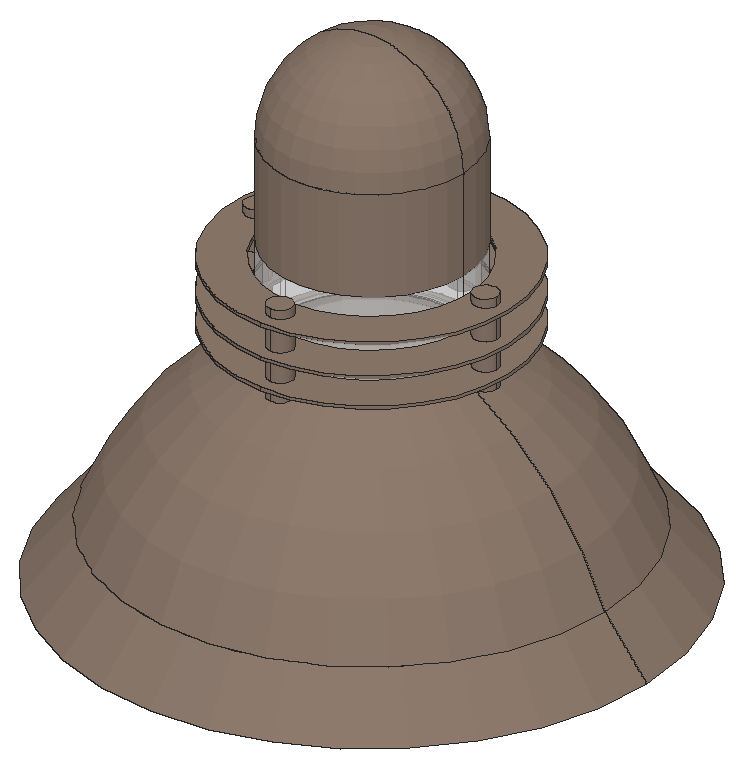
Revit family "UCM", category Lighting Fixtures, Revit 2012
Parameters (values of type "UCM - WRZ")
  Wattage Comments = "49W to 79W"  # constant formula
  Wattage = 79 W
  Voltage = 120 V
  URL = "www.aal.net"
  Type Comments = "on relamp door. full cutoff"
  Photometric Web [instance] = Web UCM : UCM-GR5-100MH
  Hood [instance] = Hood : BEL
  Default elevation = 0.000"
  Power Factor = 1
  OmniClass Title = "Post-Top Lighting"  # constant formula
  OmniClass Number = "23.80.70.14.11.14"  # constant formula
  Model = "UCM"  # constant formula
  MasterFormat Title = "Area Lighting"  # constant formula
  Manufacturer = "Architectural Area Lighting"  # constant formula
  Lamp = ""
  Housing Material = Aluminum-AAL-Weathered Bronze
  Glass Material = Glass-AAL-Acrylic
  Description = "Lighting Fixture"  # constant formula
  Assembly Code = "D5020200"
  Architectural Design Manual = "http://cdn.aal.net/content/products/psg/psg_files/aal_uc_psg.pdf"
  Apparent Load = 70 VA
Types (14): name | Photometric Web | Housing Material
  (no name) | Web UCM : UCM-GR5-100MH | Aluminum-AAL-Weathered Bronze
  UCM - AWT | Web UCM : UCM-BEL-H3-70HPS | Aluminum-AAL-Artic White
  UCM - BLK | Web UCM : UCM-T5-32LED-5K-700 | Aluminum-AAL-Black
  UCM - MTB | Web UCM : UCM-BEL-H3-70HPS | Aluminum-AAL-Matte Black
  UCM - DGN | Web UCM : UCM-BEL-H3-70HPS | Aluminum-AAL-Dark Green
  UCM - DBZ | Web UCM : UCM-BEL-H3-70HPS | Aluminum-AAL-Dark Bronze
  UCM - WRZ | Web UCM : UCM-GR5-100MH | Aluminum-AAL-Weathered Bronze
  UCM - BRM | Web UCM : UCM-BEL-H3-70HPS | Aluminum-AAL-Metalic Bronze
  UCM - VBL | Web UCM : UCM-BEL-H3-70HPS | Aluminum-AAL-Verde Blue
  UCM - CRT | Web UCM : UCM-BEL-H3-70HPS | Aluminum-AAL-Corten
  UCM - MAL | Web UCM : UCM-BEL-H3-70HPS | Aluminum-AAL-Matte
  UCM - MDG | Web UCM : UCM-BEL-H3-70HPS | Aluminum-AAL-Medium Grey
  UCM - ATG | Web UCM : UCM-BEL-H3-70HPS | Aluminum-AAL-Antique Green
  UCM - LGY | Web UCM : UCM-BEL-H3-70HPS | Aluminum-AAL-Light Grey
Reference planes (in)
  plane 1 "Light Source Axis (F/B)": y = 0
  plane 2 "Bottom": z = 0
  plane 3 "Light Source Axis (L/R)": x = 0
  plane 4 "Light Source Elevation": z = 13
  plane 5 "Top": z = 24
Forms (in)
  Revolve 1, solid, material "Aluminum-AAL-Weathered Bronze" <- "Housing Material"
    sketch origin (0.05345, 0.03999, 0.06192) x (1, 0, 0) y (0, 0, 1)
      loop
        arc (3.94655, 20.06641) -> (2.77498, 22.89483) -> (-0.05345, 24.06641) r 4
        line (-0.05345, 24.06641) -> (-0.05345, 16.06641) -> (3.94655, 16.06641) -> (3.94655, 20.06641)
      axis (-0.05345, 24.06641) -> (-0.05345, 16.06641)
    angle from 0 to 360
  Revolve 2, solid, material "Glass-AAL-Acrylic" <- "Glass Material"
    sketch origin (0.05345, 0.03999, 0.06192) x (1, 0, 0) y (0, 0, 1)
      loop
        line (3.94655, 16.06641) -> (3.69655, 16.06641) -> (3.69655, 11.92925) -> (3.94655, 11.92925) -> (3.94655, 16.06641)
      axis (-0.05345, 16.06641) -> (-0.05345, 11.92925)
    angle from 0 to 360
  Extrusion 3, solid, material "Aluminum-AAL-Weathered Bronze" <- "Housing Material"
    sketch origin (0, 0, 14.75) x (0, -1, 0) y (1, 0, 0)
      loop
        circle (0, 0) r 6
      loop
        circle (0, 0) r 4.25
    from 0.64459 to 0.76959
  Extrusion 4, solid, material "Aluminum-AAL-Weathered Bronze" <- "Housing Material"
    sketch origin (0, 0, 13.43711) x (0, -1, 0) y (1, 0, 0)
      loop
        circle (0, 0) r 4.25
      loop
        circle (0, 0) r 6
    from 0.64459 to 0.76959
  Extrusion 5, solid, material "Aluminum-AAL-Weathered Bronze" <- "Housing Material"
    sketch origin (0, 0, 12.2525) x (0, -1, 0) y (1, 0, 0)
      loop
        circle (0, 0) r 4.25
      loop
        circle (0, 0) r 6
    from 0.64459 to 0.76959
  Extrusion 6, solid, material "Aluminum-AAL-Weathered Bronze" <- "Housing Material"
    sketch origin (0, 0, 13) x (0, -1, 0) y (1, 0, 0)
      loop
        circle (-4.97539, 0) r 0.5
    from -0.75357 to 2.83579
  Extrusion 7, solid, material "Aluminum-AAL-Weathered Bronze" <- "Housing Material"
    sketch origin (0, 0, 13) x (1, 0, 0) y (0, 1, 0)
      loop
        circle (-4.97539, 0) r 0.5
    from -0.75357 to 2.83579
  Extrusion 8, solid, material "Aluminum-AAL-Weathered Bronze" <- "Housing Material"
    sketch origin (0, 0, 13) x (0, 1, 0) y (-1, 0, 0)
      loop
        circle (-4.97539, 0) r 0.5
    from -0.75357 to 2.83579
  Extrusion 9, solid, material "Aluminum-AAL-Weathered Bronze" <- "Housing Material"
    sketch origin (0, 0, 13) x (-1, 0, 0) y (0, -1, 0)
      loop
        circle (-4.97539, 0) r 0.5
    from -0.75357 to 2.83579
  Revolve 10, solid, material "Glass-AAL-Acrylic" <- "Glass Material"
    sketch origin (0, 0, 0) x (1, 0, 0) y (0, 0, 1)
      loop
        line (3.75, 12.00168) -> (3.75, 4)
        arc (3.75, 4) -> (2.65165, 1.34835) -> (0, 0.25) r 3.75
        line (0, 0.25) -> (0, 0)
        arc (0, 0) -> (2.82843, 1.17157) -> (4, 4) r 4
        line (4, 4) -> (4, 12.00168) -> (3.75, 12.00168)
      axis (0, 12.00168) -> (0, 0)
    angle from 0 to 360
Dimensions and locks (in)
  "Default elevation": plane 2 "Bottom" to level
  aligned and locked: plane 3 "Light Source Axis (L/R)" to nested 1
  aligned and locked: plane 1 "Light Source Axis (F/B)" to nested 1
  aligned and locked: plane 3 "Light Source Axis (L/R)" to nested 2
  aligned and locked: nested 2 to plane 1 "Light Source Axis (F/B)"
Automatic sketch dimensions
  Revolve 1 sketch curve to plane 3 "Light Source Axis (L/R)" = 0.000"  (x2)
  plane 3 "Light Source Axis (L/R)" to Revolve 1 sketch curve = 4.000"
  level to Revolve 1 sketch curve = 0.06192"
  Revolve 1 sketch curve to plane 4 "Light Source Elevation" = 3.12833"
  Revolve 1 sketch curve to plane 5 "Top" = 3.87167"
  Revolve 1 sketch curve to Revolve 1 sketch curve = 20.8028"
  Revolve 2 sketch curve to plane 3 "Light Source Axis (L/R)" = 0.000"
  plane 4 "Light Source Elevation" to Revolve 2 sketch curve = 1.00883"
  plane 3 "Light Source Axis (L/R)" to Revolve 2 sketch curve = 3.750"
  Revolve 2 sketch curve to Revolve 2 sketch curve = 0.250"
  level to Revolve 2 sketch curve = 1.47013"
  Revolve 2 sketch curve to plane 4 "Light Source Elevation" = 3.12833"
  plane 5 "Top" to Revolve 2 sketch curve = 2.12833"
  Extrusion 3 sketch curve to Extrusion 3 sketch curve = 0.000"  (x2)
  plane 1 "Light Source Axis (F/B)" to Extrusion 3 sketch curve = 0.000"
  Extrusion 3 sketch curve to plane 3 "Light Source Axis (L/R)" = 0.000"
  Extrusion 4 sketch curve to Extrusion 4 sketch curve = 0.000"  (x2)
  plane 1 "Light Source Axis (F/B)" to Extrusion 4 sketch curve = 0.000"
  Extrusion 4 sketch curve to plane 3 "Light Source Axis (L/R)" = 0.000"
  Extrusion 5 sketch curve to Extrusion 5 sketch curve = 0.000"  (x2)
  plane 1 "Light Source Axis (F/B)" to Extrusion 5 sketch curve = 0.000"
  Extrusion 5 sketch curve to plane 3 "Light Source Axis (L/R)" = 0.000"
  Extrusion 8 sketch curve to plane 3 "Light Source Axis (L/R)" = 0.000"
  plane 1 "Light Source Axis (F/B)" to Extrusion 8 sketch curve = 4.97539"
  plane 1 "Light Source Axis (F/B)" to Extrusion 9 sketch curve = 0.000"
  plane 3 "Light Source Axis (L/R)" to Extrusion 9 sketch curve = 4.97539"
  plane 1 "Light Source Axis (F/B)" to Extrusion 7 sketch curve = 0.000"
  Extrusion 7 sketch curve to plane 3 "Light Source Axis (L/R)" = 4.97539"
  Extrusion 6 sketch curve to plane 3 "Light Source Axis (L/R)" = 0.000"
  Extrusion 6 sketch curve to plane 1 "Light Source Axis (F/B)" = 4.97539"
  Revolve 10 sketch curve to Revolve 10 sketch curve = 0.000"  (x2)
  Revolve 10 sketch curve to plane 3 "Light Source Axis (L/R)" = 0.000"  (x2)
  Revolve 10 sketch curve to level = 0.000"
  plane 3 "Light Source Axis (L/R)" to Revolve 10 sketch curve = 3.750"
  Revolve 10 sketch curve to Revolve 10 sketch curve = 0.250"
  Revolve 10 sketch curve to Revolve 10 sketch curve = 3.23041"
  plane 4 "Light Source Elevation" to Revolve 10 sketch curve = 0.99832"
  Revolve 10 sketch curve to plane 4 "Light Source Elevation" = 4.01959"
  radius of Extrusion 3 sketch curve = 6.000"
  radius of Extrusion 3 sketch curve = 4.250"
  radius of Extrusion 4 sketch curve = 4.250"
  radius of Extrusion 4 sketch curve = 6.000"
  radius of Extrusion 5 sketch curve = 4.250"
  radius of Extrusion 5 sketch curve = 6.000"
  radius of Extrusion 6 sketch curve = 0.500"
  radius of Extrusion 7 sketch curve = 0.500"
  radius of Extrusion 8 sketch curve = 0.500"
  radius of Extrusion 9 sketch curve = 0.500"
Nested families (in)
  nested 1: "Hood" at (-0.00649, -0.03999, 0), type <- "Hood", type "BEL"
  nested 2: "Web UCM" at (-0.03999, -0.23896, 13) x (0, -1, 0) z (0, 0, -1), type <- "Photometric Web", type "UCM-GR5-100MH"
Definition of nested family "Hood"
  Parameters (values of type "STR")
    Wattage Comments = "0"
    Voltage = 0 V
    URL = ""
    STR = yes
    SKB = no
    Product Page URL = ""
    Product Documentation Link = ""
    Model = ""
    Manufacturer Phone = ""
    Manufacturer Fax = ""
    Manufacturer = ""
    Load Classification = Lighting
    Lamp = "LED"
    Finish = Aluminum-AAL-Black
    FLR = no
    Description = ""
    Default Elevation = 48.000"
    BEL = no
    Apparent Load = 0 VA
    ANG = no
  Types (5): name | STR | SKB | FLR | BEL | ANG
    STR | yes | no | no | no | no
    SKB | no | yes | no | no | no
    FLR | no | no | yes | no | no
    BEL | no | no | no | yes | no
    ANG | no | no | no | no | yes
  Reference planes (in)
    plane 1 "Center (Front/Back)": y = 0.03999
    plane 2: z = 0
    plane 3 "Center (Left/Right)": x = 0.00649
    plane 4: z = 24
    plane 5: z = 4
    plane 6: z = 12
  Forms (in)
    Extrusion 1, solid
      sketch origin (0, 0, 0.06357) x (1, 0, 0) y (0, 1, 0)
        loop
          line (-48, 48) -> (-48, -48) -> (48, -48) -> (48, 48) -> (-48, 48)
      from -0.06357 to -6.06357
    Revolve 2, solid, material "Aluminum-AAL-Black" <- "Finish", visible <- "FLR"
      sketch origin (0, 0.03999, 0) x (1, 0, 0) y (0, 0, 1)
        loop
          line (4.89707, 12) -> (3.75649, 12) -> (3.75649, 11.75) -> (4.70053, 11.75)
          arc (4.70053, 11.75) -> (6.82187, 7.29318) -> (10.4986, 4) r 12.54237
          line (10.4986, 4) -> (11.00649, 4)
          arc (11.00649, 4) -> (7.09535, 7.34597) -> (4.89707, 12) r 12.29237
        axis (0.00649, 12) -> (0.00649, 4)
      angle from 0 to 360
    Revolve 3, solid, material "Aluminum-AAL-Black" <- "Finish", visible <- "SKB"
      sketch origin (0, 0.03999, 0) x (1, 0, 0) y (0, 0, 1)
        loop
          line (4.34255, 12) -> (3.75649, 12) -> (3.75649, 11.75) -> (4.23632, 11.75)
          arc (4.23632, 11.75) -> (7.66193, 7.23499) -> (9.95732, 2.05317) r 24.47718
          line (9.95732, 2.05317) -> (11.68014, 0) -> (12.00649, 0) -> (10.18109, 2.17543)
          arc (10.18109, 2.17543) -> (7.8372, 7.42965) -> (4.34255, 12) r 24.72718
        axis (0.00649, 12) -> (0.00649, 0)
      angle from 0 to 360
    Revolve 4, solid, material "Aluminum-AAL-Black" <- "Finish", visible <- "STR"
      sketch origin (0, 0.03999, 0) x (1, 0, 0) y (0, 0, 1)
        loop
          line (12.00649, 4) -> (4.89707, 12) -> (3.75649, 12) -> (3.75649, 11.75) -> (4.78478, 11.75) -> (11.67204, 4) -> (12.00649, 4)
        axis (0.00649, 12) -> (0.00649, 4)
      angle from 0 to 360
    Revolve 5, solid, material "Aluminum-AAL-Black" <- "Finish", visible <- "BEL"
      sketch origin (0, 0.03999, 0) x (1, 0, 0) y (0, 0, 1)
        loop
          line (11.68014, 3) -> (12.00649, 3) -> (10.18109, 5.17543)
          arc (10.18109, 5.17543) -> (7.82989, 9.07371) -> (4.34255, 12) r 13.86091
          line (4.34255, 12) -> (3.75649, 12) -> (3.75649, 11.75) -> (4.27394, 11.75)
          arc (4.27394, 11.75) -> (7.67501, 8.87001) -> (9.96349, 5.04582) r 13.61091
          line (9.96349, 5.04582) -> (11.68014, 3)
        axis (0.00649, 12) -> (0.00649, 3)
      angle from 0 to 360
    Revolve 6, solid, material "Aluminum-AAL-Black" <- "Finish", visible <- "ANG"
      sketch origin (0, 0.03999, 0) x (1, 0, 0) y (0, 0, 1)
        loop
          line (9.15901, 4) -> (4.86582, 12) -> (3.75649, 12) -> (3.75649, 11.75) -> (4.71625, 11.75) -> (8.87529, 4) -> (9.15901, 4)
        axis (0.00649, 12) -> (0.00649, 4)
      angle from 0 to 360
  Dimensions and locks (in)
    Extrusion 1 sketch curve to plane 1 "Center (Front/Back)" to Extrusion 1 sketch curve = 48.03999", 47.96001"
    Extrusion 1 sketch curve to plane 3 "Center (Left/Right)" to Extrusion 1 sketch curve = 48.00649", 47.99351"
    plane 4 to plane 5 = 20.000"
    aligned and locked: plane 2 to Extrusion 1
    aligned and locked: level to Extrusion 1
Definition of nested family "Web UCM"
  Parameters (values of type "UCM-T4-32LED-4K-450-HSS")
    Wattage Comments = ""
    Wattage = 32 W
    built-in parameter 1150110 = 1 (stored number, unit not read)
    URL = ""
    built-in parameter 1114217 = 1 (stored number, unit not read)
    Tilt Angle = -90.00°
    built-in parameter 1150109 = 1 (stored number, unit not read)
    built-in parameter 1150134 = (empty or 0)
    built-in parameter 1150113 = 1 (stored number, unit not read)
    Product Page URL = ""
    Product Documentation Link = ""
    Photometric Web File = "UCM-T4-32LED-4K-450-HSS.IES"
    Model = ""
    Manufacturer Phone = ""
    Manufacturer Fax = ""
    Manufacturer = ""
    built-in parameter 1150105 = 206.9 (stored number, unit not read)
    Lumens = 2600 lm
    built-in parameter 1150115 = 1 (stored number, unit not read)
    built-in parameter 1150137 = (empty or 0)
    built-in parameter 1150139 = (empty or 0)
    built-in parameter 1150112 = 1 (stored number, unit not read)
    built-in parameter 1150114 = 1 (stored number, unit not read)
    Lamp = ""
    built-in parameter 1150132 = 1
    built-in parameter 1150102 = (empty or 0)
    built-in parameter 1150107 = 3000 (stored number, unit not read)
    built-in parameter 1150138 = (empty or 0)
    built-in parameter 1150106 = 2.069 (stored number, unit not read)
    Emit from Line Length = 1.000"
    built-in parameter 1150104 = 7.5484 (stored number, unit not read)
    Dimming Lamp Color Temperature Shift = (empty or 0)
    Description = ""
    Default Elevation = 48.000"
    Color Filter = 16777215
    built-in parameter 1114218 = 1 (stored number, unit not read)
    built-in parameter 1150133 = 10 (stored number, unit not read)
  Types (46): name | Photometric Web File
    UCM-BEL-H3-70HPS | "UCM-BEL-H3-70HPS.IES"
    UCM-BEL-H4-70HPS | "UCM-BEL-H4-70HPS.IES"
    UCM-GR3-100MH | "UCM-GR3-100MH.IES"
    UCM-GR5-100MH | "UCM-GR5-100MH.IES"
    UCM-H2-100MH | "UCM-H2-100MH.ies"
    UCM-H2-150HPS | "UCM-H2-150HPS.IES"
    UCM-H2-FTG-150HPS | "UCM-H2-FTG-150HPS.IES"
    UCM-H3-FTG-100MH | "UCM-H3-FTG-100MH.IES"
    UCM-H3-FTG-100PSMH-HSS | "UCM-H3-FTG-100PSMH-HSS.ies"
    UCM-H3-FTG-150MH | "UCM-H3-FTG-150MH.IES"
    UCM-H3-LUM-FLD-150MH | "UCM-H3-LUM-FLD-150MH.IES"
    UCM-H4-150HPS | "UCM-H4-150HPS.IES"
    UCM-H4-150MH | "UCM-H4-150MH.ies"
    UCM-H4-FTG-150HPS | "UCM-H4-FTG-150HPS.IES"
    UCM-H5-FLD-150MH | "UCM-H5-FLD-150MH.IES"
    UCM-H5-FTG-150MH | "UCM-H5-FTG-150MH.IES"
    UCM-T2-32LED-3K-450 | "UCM-T2-32LED-3K-450.IES"
    UCM-T2-32LED-3K-700 | "UCM-T2-32LED-3K-700.IES"
    UCM-T2-32LED-4K-450 | "UCM-T2-32LED-4K-450.IES"
    UCM-T2-32LED-4K-700 | "UCM-T2-32LED-4K-700.IES"
    UCM-T2-32LED-5K-450 | "UCM-T2-32LED-5K-450.IES"
    UCM-T2-32LED-5K-700 | "UCM-T2-32LED-5K-700.IES"
    UCM-T3-32LED-3K-450 | "UCM-T3-32LED-3K-450.IES"
    UCM-T3-32LED-3K-700 | "UCM-T3-32LED-3K-700.IES"
    UCM-T3-32LED-4K-450 | "UCM-T3-32LED-4K-450.IES"
    UCM-T3-32LED-4K-700 | "UCM-T3-32LED-4K-700.IES"
    UCM-T3-32LED-5K-450 | "UCM-T3-32LED-5K-450.IES"
    UCM-T3-32LED-5K-700 | "UCM-T3-32LED-5K-700.IES"
    UCM-T4-32LED-3K-450 | "UCM-T4-32LED-3K-450.IES"
    UCM-T4-32LED-3K-450-HSS | "UCM-T4-32LED-3K-450-HSS.IES"
    UCM-T4-32LED-3K-700-HSS | "UCM-T4-32LED-3K-700.IES"
    UCM-T4-32LED-4K-450 | "UCM-T4-32LED-3K-700-HSS.IES"
    UCM-T4-32LED-4K-450-HSS | "UCM-T4-32LED-4K-450-HSS.IES"
    UCM-T4-32LED-4K-700 | "UCM-T4-32LED-4K-700.IES"
    UCM-T4-32LED-4K-700-HSS | "UCM-T4-32LED-4K-700-HSS.IES"
    UCM-T4-32LED-5K-450 | "UCM-T4-32LED-5K-450.IES"
    UCM-T4-32LED-5K-450-HSS | "UCM-T4-32LED-5K-450-HSS.IES"
    UCM-T4-32LED-5K-700 | "UCM-T4-32LED-5K-700.IES"
    UCM-T4-32LED-5K-700-HSS | "UCM-T4-32LED-5K-700-HSS.IES"
    UCM-T5-32LED-3K-450 | "UCM-T5-32LED-3K-450.IES"
    UCM-T5-32LED-3K-700 | "UCM-T5-32LED-3K-700.IES"
    UCM-T5-32LED-4K-450 | "UCM-T5-32LED-4K-450.IES"
    UCM-T5-32LED-4K-700 | "UCM-T5-32LED-4K-700.IES"
    UCM-T5-32LED-5K-450 | "UCM-T5-32LED-5K-450.IES"
    UCM-T5-32LED-5K-700 | "UCM-T5-32LED-5K-700.IES"
    UCM-OAL-100MH | "UCM-OAL-100MH.IES"
  Reference planes (in)
    plane 1 "Center (Front/Back)": y = 0.03999
    plane 2: z = 0
    plane 3 "Center (Left/Right)": x = -0.23896
  Forms (in)
    Extrusion 1, solid
      sketch origin (0, 0, 0.06357) x (1, 0, 0) y (0, 1, 0)
        loop
          line (-48, 48) -> (-48, -48) -> (48, -48) -> (48, 48) -> (-48, 48)
      from -0.06357 to -6.06357
  Lines and regions (in)
    reference lines
      curve 1: line (-0.23896, 0.03999, 18.11448) -> (-0.23896, 0.03999, -22.88552)
      curve 2: line (-0.23896, 0.03999, 34) -> (-0.23896, 0.03999, -22.88552)
      curve 3: line (-0.23896, 29.03999, 0) -> (-0.23896, -29.96001, 0)
      curve 4: line (-37.23896, 0.03999, 0) -> (40.76104, 0.03999, 0)
  Dimensions and locks (in)
    aligned and locked: plane 2 to Extrusion 1
    aligned and locked: level to Extrusion 1
    aligned and locked: plane 3 "Center (Left/Right)" to imposter light
    aligned and locked: imposter light to plane 1 "Center (Front/Back)"
    aligned and locked: curve 1 to plane 3 "Center (Left/Right)"
    aligned and locked: plane 1 "Center (Front/Back)" to curve 2
    aligned and locked: curve 3 to plane 3 "Center (Left/Right)"
    aligned and locked: plane 1 "Center (Front/Back)" to curve 4
